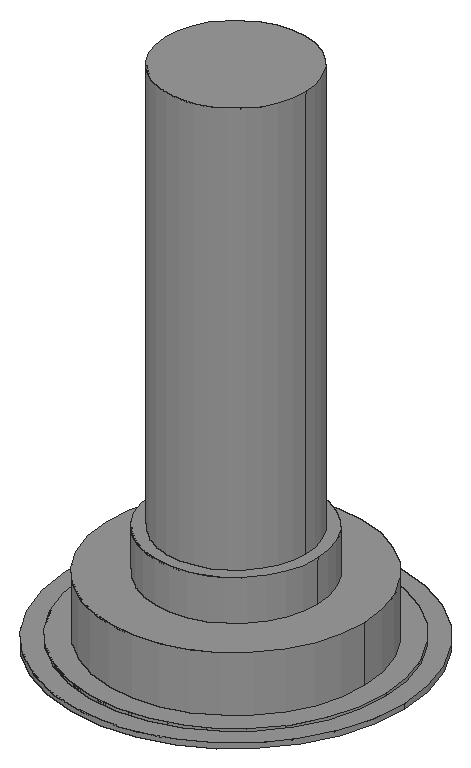
Revit family "VASARI 6 Round Wall Wash 02", category Lighting Fixtures, host Ceiling, Revit 2017
Family settings
  Host = Ceiling
  Round Connector Dimension = Use Diameter
  Part Type = Normal
  OmniClass Number = 23.80.70.11
  OmniClass Title = Luminaries for Internal Lighting
  Always vertical = Yes
  Cut with Voids When Loaded = No
  Light Source = Yes
  Shared = No
  Room Calculation Point = No
Parameters (values of type "500P")
  Wattage = 9.2903 W
  built-in parameter 1150110 = 1 (stored number, unit not read)
  built-in parameter 1114217 = 1 (stored number, unit not read)
  Tilt Angle = 90.00°
  built-in parameter 1150109 = 1 (stored number, unit not read)
  built-in parameter 1150134 = (empty or 0)
  built-in parameter 1150113 = 1 (stored number, unit not read)
  Photometric Web File = "ELR500P 30D.IES"
  Lumens = 1380 lm
  built-in parameter 1150115 = 1 (stored number, unit not read)
  built-in parameter 1150105 = 109.82 (stored number, unit not read)
  built-in parameter 1150137 = (empty or 0)
  built-in parameter 1150139 = (empty or 0)
  built-in parameter 1150112 = 1 (stored number, unit not read)
  built-in parameter 1150114 = 1 (stored number, unit not read)
  built-in parameter 1150132 = 2
  built-in parameter 1150102 = (empty or 0)
  built-in parameter 1150138 = (empty or 0)
  built-in parameter 1150107 = 3000 (stored number, unit not read)
  built-in parameter 1150106 = 1.0982 (stored number, unit not read)
  built-in parameter 1150104 = 13.8 (stored number, unit not read)
  Dimming Lamp Color Temperature Shift = <None>
  Color Filter = 16777215
  built-in parameter 1114218 = 1 (stored number, unit not read)
  built-in parameter 1150133 = 10 (stored number, unit not read)
Types (2, lengths in mm): name | Photometric Web File
  Type 1 | "ELR50P 35D.IES"
  500P | "ELR500P 30D.IES"
Reference planes
  plane 1 "Light Source Axis (F/B)": y = 0
  plane 2: z = 0
  plane 3 "Light Source Axis (L/R)": x = 0
  plane 4 "Ceiling": z = 4000
  plane 5 "Light Source Elevation": z = 4000
  plane 6 "Top": y = 72.335
  plane 7: y = -71.693
  plane 8 "Right": x = 72.014
  plane 9 "Left": x = -72.014
  plane 10: z = 4220
Forms (mm)
  Extrusion 1, solid, material "ELR Plastic, Opaque White"
    sketch origin (239.98, 0.321, 4000) x (-1, 0, 0) y (0, -1, 0)
      loop
        circle (239.98, 0) r 64
      loop
        circle (239.98, 0) r 72.014
    from -1.09 to 1.009
  Extrusion 2, solid, material "ELR Plastic, Opaque White"
    sketch origin (239.98, 0.321, 4000) x (-1, 0, 0) y (0, -1, 0)
      loop
        circle (239.98, 0) r 30
    from 43.5 to 220
  Extrusion 3, solid, material "ELR Plastic, Opaque White"
    sketch origin (239.98, 0.321, 4000) x (-1, 0, 0) y (0, -1, 0)
      loop
        circle (239.98, 0) r 55
      loop
        circle (239.98, 0) r 30
    from 2.018 to 26
  Extrusion 4, solid, material "Plastic, Opaque White elr"
    sketch origin (-115, 0.321, 4000) x (0, 1, 0) y (-1, 0, 0)
      loop
        circle (0, -115) r 64
      loop
        circle (0, -115) r 55
    from 1.009 to 2.018
  Extrusion 5, solid, material "ELR Plastic, Opaque White"
    sketch origin (239.98, 0.321, 4000) x (-1, 0, 0) y (0, -1, 0)
      loop
        circle (239.98, 0) r 35
      loop
        circle (239.98, 0) r 30
    from 26 to 43.5
  Extrusion 6, solid, material "ELR Light Emissive"
    sketch origin (0, 0, 4000) x (0, 1, 0) y (-1, 0, 0)
      loop
        circle (0.321, 0) r 30
    from 1 to 2
Lines and regions (mm)
  Opening 1
    outline origin (0, 0, 4000) x (1, 0, 0) y (0, 1, 0)
      loop
        circle (0, 0.331) r 71.657
  Opening 2
    outline origin (0, 0.321, 4000) x (1, 0, 0) y (0, 1, 0)
      loop
        circle (0, 0.331) r 71.657
  Opening 3
    outline origin (0, 0.321, 4000) x (1, 0, 0) y (0, 1, 0)
      loop
        circle (0, 0.331) r 61.327
Dimensions and locks
  equal spacing: host sketch curve, plane 3 "Light Source Axis (L/R)", host sketch curve
  equal spacing: host sketch curve, plane 1 "Light Source Axis (F/B)", host sketch curve
  host sketch curve to host sketch curve = 4000 mm  (x2)
  plane 4 "Ceiling" to host ceiling = 0 mm
  plane 9 "Left" to plane 8 "Right" = 144.028 mm  (x2)
  plane 6 "Top" to plane 7 = 144.028 mm
  imposter light to plane 10 = 220 mm
  aligned and locked: plane 3 "Light Source Axis (L/R)" to imposter light
  aligned and locked: plane 1 "Light Source Axis (F/B)" to imposter light
  aligned and locked: plane 5 "Light Source Elevation" to imposter light
  aligned and locked: plane 10 to Extrusion 2
